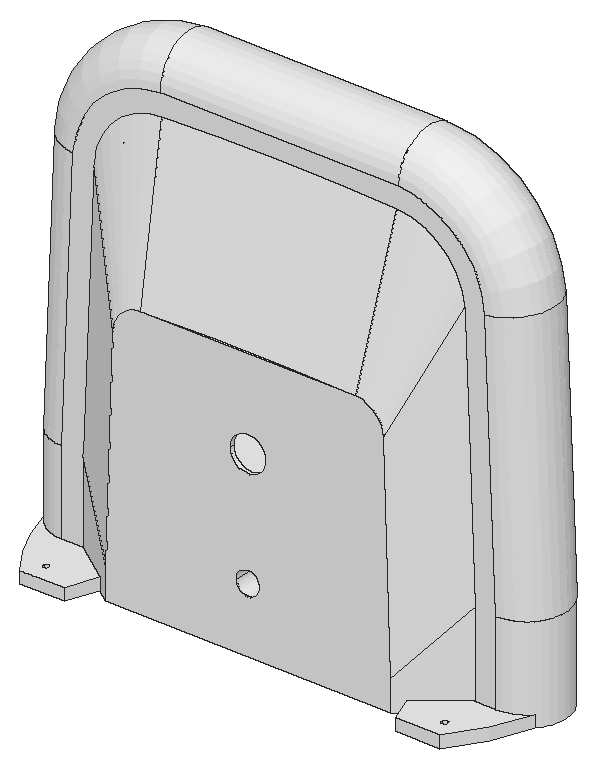
Revit family "Plumbing-Lavatories-Sloan-Valve-SS3165_", category Plumbing Fixtures, host Face, Revit 2019
Family settings
  Host = Face
  Round Connector Dimension = Use Diameter
  Part Type = Normal
  OmniClass Number = 23.45.05.14.14
  OmniClass Title = Sinks/Lavatories
  Cut with Voids When Loaded = Yes
  Shared = No
  Room Calculation Point = No
Parameters (values of type "SS-3165")
  Width = 21 1/2"  # constant formula
  Water Flow = 0 GPM
  Waste Connection = yes
  WFU = 2
  Vent Connection = yes
  Valve Pressure Drop = 0.00 psi
  URL = "www.sloanvalve.com"
  Shroud Visibility [instance] = yes
  Sanitary Drain Connector Description = "Sanitary Drain Connector d1 1/2\""
  Sanitary Drain Connection Diameter = 1 1/2"  # constant formula
  Product data url = "https://bimobject.com/sloan_valve/product/lavatories_sloan_ss-3165"
  Product Material = Sloan Valve - Vitreous China - White
  Product Guid = ""
  Part Number = "3873165"
  Model = "SS-3165"
  Manufacturer = "Sloan Valve"  # constant formula
  Keynote = "10000"
  Installation Height [instance] = 34"  # constant formula
  Hot Water Connector Description = "Hot Water Connector d1/2\""
  Hot Water Connection Diameter = 1/2"  # constant formula
  Height = 5 3/4"  # constant formula
  HWFU = 1.5
  HW Connection = yes
  Edition number = 1
  Description = "Vitreous China Wall-Mounted Ledgeback Lavatory."
  Depth = 20 1/2"  # constant formula
  Default Elevation = 0"
  Cold Water Connector Description = "Cold Water Connector d1/2\""
  Cold Water Connection Diameter = 1/2"  # constant formula
  CWFU = 1.5
  CW Connection = yes
  Assembly Code = "D2010400"
  ADA Compliant [instance] = 1 = 1  # yes
Types (3): name | Product Material | Part Number | Model | Description
  (no name) | Sloan Valve - Vitreous China - White | "3873165" | "SS-3165" | "Vitreous China Wall-Mounted Ledgeback Lavatory."
  SS-3165 | Sloan Valve - Vitreous China - White | "3873165" | "SS-3165" | "Vitreous China Wall-Mounted Ledgeback Lavatory."
  SS-3165-STG | Sloan Valve - Vitreous China - SloanTec Glaze White | "3873175" | "SS-3165-STG" | "Vitreous China Wall-Mounted Ledgeback Lavatory with SloanTec® Glaze."
Reference planes (in)
  plane 1 "Center (Front/Back)": y = 0
  plane 2: z = 0
  plane 3 "Center (Left/Right)": x = 0
  plane 4: x = -8.37453
  plane 5: y = 29
  plane 6: y = 34
  plane 7: x = -8.37453
  plane 8: y = 29
  plane 9: y = 34
Forms (in)
  Extrusion 1, solid, not visible
    sketch origin (0.00047, 34, 0) x (1, 0, 0) y (0, 1, 0)
      loop
        circle (0, -12) r 0.75
      loop
        circle (-1.75, -10) r 0.25
      loop
        circle (1.75, -10) r 0.25
    from 0 to 0.04127
  Sweep 2, solid, material "Sloan Valve - Vitreous China - White" <- "Product Material"
    path origin (0.00047, 34, 0) x (1, 0, 0) y (0, 0, 1)
      loop
        line (10.75, 0) -> (10.75, 4)
        arc (10.75, 4) -> (10.63473, 9.67543) -> (10.2891, 15.34149) r 139.77197
        arc (10.2891, 15.34149) -> (8.62245, 18.85679) -> (5.04692, 20.38998) r 5.5
        arc (5.04692, 20.38998) -> (0, 20.5) -> (-5.04692, 20.38998) r 115.8125
        arc (-5.04692, 20.38998) -> (-8.62245, 18.85679) -> (-10.2891, 15.34149) r 5.5
        arc (-10.2891, 15.34149) -> (-10.63473, 9.67543) -> (-10.75, 4) r 139.77197
        line (-10.75, 4) -> (-10.75, 0)
    profile origin (0.00047, 34, 20.5) x (0, 0, -1) y (0, -1, 0)
      loop
        arc (1.625, 3.25) -> (0, 1.625) -> (1.625, 0) r 1.625
        line (1.625, 0) -> (2.75, 0)
        arc (2.75, 0) -> (3.10355, 0.14645) -> (3.25, 0.5) r 0.5
        line (3.25, 0.5) -> (3.25, 3.25) -> (1.625, 3.25)
  Extrusion 3, solid, material "Sloan Valve - Vitreous China - White" <- "Product Material"
    sketch origin (0.00047, 34, 0) x (1, 0, 0) y (0, 1, 0)
      loop
        line (6.05085, -3.41482) -> (6.90078, -5.75) -> (8.75702, -5.75)
        arc (8.75702, -5.75) -> (9.91302, -3.86846) -> (10.53777, -1.75038) r 8.38585
        line (10.53777, -1.75038) -> (8.17985, -1.75038) -> (8.17985, -1.90656)
        arc (8.17985, -1.90656) -> (7.73809, -2.97306) -> (6.67158, -3.41482) r 1.50826
        line (6.67158, -3.41482) -> (6.05085, -3.41482)
      loop
        line (-6.17585, -3.41482) -> (-6.79658, -3.41482)
        arc (-6.79658, -3.41482) -> (-7.86309, -2.97306) -> (-8.30485, -1.90656) r 1.50826
        line (-8.30485, -1.90656) -> (-8.30485, -1.75038) -> (-10.66277, -1.75038)
        arc (-10.66277, -1.75038) -> (-10.03802, -3.86846) -> (-8.88202, -5.75) r 8.38585
        line (-8.88202, -5.75) -> (-7.02578, -5.75) -> (-6.17585, -3.41482)
      loop
        circle (-8.375, -5) r 0.125
      loop
        circle (8.375, -5) r 0.125
    from 0 to 0.5
  Blend 4, solid, material "Sloan Valve - Vitreous China - White" <- "Product Material"
    base sketch origin (0.00047, 34, 0) x (1, 0, 0) y (0, 0, 1)
      loop
        arc (-7.04982, 15.07778) -> (-6.368, 16.51585) -> (-4.90529, 17.14307) r 2.25
        arc (-4.90529, 17.14307) -> (0, 17.25) -> (4.90529, 17.14307) r 112.5625
        arc (4.90529, 17.14307) -> (6.368, 16.51585) -> (7.04982, 15.07778) r 2.25
        arc (7.04982, 15.07778) -> (7.38741, 9.54346) -> (7.5, 4) r 136.52197
        line (7.5, 4) -> (7.5, 0) -> (8.25, 0) -> (8.25, 4)
        arc (8.25, 4) -> (8.13679, 9.57391) -> (7.79734, 15.13863) r 137.27197
        arc (7.79734, 15.13863) -> (6.88826, 17.05607) -> (4.93797, 17.89235) r 3
        arc (4.93797, 17.89235) -> (0, 18) -> (-4.93797, 17.89235) r 113.3125
        arc (-4.93797, 17.89235) -> (-6.88826, 17.05607) -> (-7.79734, 15.13863) r 3
        arc (-7.79734, 15.13863) -> (-8.13679, 9.57391) -> (-8.25, 4) r 137.27197
        line (-8.25, 4) -> (-8.25, 0) -> (-7.5, 0) -> (-7.5, 4)
        arc (-7.5, 4) -> (-7.38741, 9.54346) -> (-7.04982, 15.07778) r 136.52197
    top sketch origin (0.00047, 34, 0) x (1, 0, 0) y (0, 0, 1)
      loop
        arc (-5.70027, 10.24166) -> (-5.92505, 5.74833) -> (-6, 1.25) r 135.02197
        line (-6, 1.25) -> (-6, 0) -> (-5.25, 0) -> (-5.25, 1.25)
        arc (-5.25, 1.25) -> (-5.17546, 5.72334) -> (-4.95194, 10.19172) r 134.27197
        arc (-4.95194, 10.19172) -> (-4.80206, 10.51646) -> (-4.4736, 10.658) r 0.5
        arc (-4.4736, 10.658) -> (0, 10.75) -> (4.4736, 10.658) r 108.8125
        arc (4.4736, 10.658) -> (4.80206, 10.51646) -> (4.95194, 10.19172) r 0.5
        arc (4.95194, 10.19172) -> (5.17546, 5.72334) -> (5.25, 1.25) r 134.27197
        line (5.25, 1.25) -> (5.25, 0) -> (6, 0) -> (6, 1.25)
        arc (6, 1.25) -> (5.92505, 5.74833) -> (5.70027, 10.24166) r 135.02197
        arc (5.70027, 10.24166) -> (5.32558, 11.05351) -> (4.50444, 11.40737) r 1.25
        arc (4.50444, 11.40737) -> (0, 11.5) -> (-4.50444, 11.40737) r 109.5625
        arc (-4.50444, 11.40737) -> (-5.32558, 11.05351) -> (-5.70027, 10.24166) r 1.25
    from 3.25 to 4.87009
  Extrusion 5, solid, material "Sloan Valve - Vitreous China - White" <- "Product Material"
    sketch origin (0.00047, 34, 0) x (1, 0, 0) y (0, 0, 1)
      loop
        arc (-5.70027, 10.24166) -> (-5.92505, 5.74833) -> (-6, 1.25) r 135.02197
        line (-6, 1.25) -> (-6, 0) -> (6, 0) -> (6, 1.25)
        arc (6, 1.25) -> (5.92505, 5.74833) -> (5.70027, 10.24166) r 135.02197
        arc (5.70027, 10.24166) -> (5.32558, 11.05351) -> (4.50444, 11.40737) r 1.25
        arc (4.50444, 11.40737) -> (0, 11.5) -> (-4.50444, 11.40737) r 109.5625
        arc (-4.50444, 11.40737) -> (-5.32558, 11.05351) -> (-5.70027, 10.24166) r 1.25
    from 4.70234 to 4.87009
  Extrusion 6, solid, material "Sloan Valve - Vitreous China - White" <- "Product Material"
    sketch origin (0.00047, 34, 0) x (1, 0, 0) y (0, 1, 0)
      loop
        line (-8.25, -0.1875) -> (-8.25, -2.90689) -> (-5.67692, -4.77634) -> (5.67692, -4.77634) -> (8.25, -2.90689) -> (8.25, -0.1875) -> (-8.25, -0.1875)
    from 0 to 5.22164
  Extrusion 7, void
    sketch origin (0.00047, 34, 0) x (1, 0, 0) y (0, 0, 1)
      loop
        circle (0, 2.75) r 0.5
      loop
        circle (0, 7.625) r 0.75
    from -3.79383 to 8.56662
  Extrusion 8, solid, not visible
    sketch origin (0.00047, 34, 0) x (1, 0, 0) y (0, 1, 0)
      loop
        circle (0, -12) r 0.75
      loop
        circle (-1.75, -10) r 0.25
      loop
        circle (1.75, -10) r 0.25
    from 0 to 0.04127
  Sweep 9, solid, material "Sloan Valve - Vitreous China - White" <- "Product Material", not visible
    path origin (0.00047, 34, 0) x (1, 0, 0) y (0, 0, 1)
      loop
        line (10.75, 0) -> (10.75, 4)
        arc (10.75, 4) -> (10.63473, 9.67543) -> (10.2891, 15.34149) r 139.77197
        arc (10.2891, 15.34149) -> (8.62245, 18.85679) -> (5.04692, 20.38998) r 5.5
        arc (5.04692, 20.38998) -> (0, 20.5) -> (-5.04692, 20.38998) r 115.8125
        arc (-5.04692, 20.38998) -> (-8.62245, 18.85679) -> (-10.2891, 15.34149) r 5.5
        arc (-10.2891, 15.34149) -> (-10.63473, 9.67543) -> (-10.75, 4) r 139.77197
        line (-10.75, 4) -> (-10.75, 0)
    profile origin (0.00047, 34, 20.5) x (0, 0, -1) y (0, -1, 0)
      loop
        arc (1.625, 3.25) -> (0, 1.625) -> (1.625, 0) r 1.625
        line (1.625, 0) -> (2.75, 0)
        arc (2.75, 0) -> (3.10355, 0.14645) -> (3.25, 0.5) r 0.5
        line (3.25, 0.5) -> (3.25, 3.25) -> (1.625, 3.25)
  Extrusion 10, solid, material "Sloan Valve - Vitreous China - White" <- "Product Material", not visible
    sketch origin (0.00047, 34, 0) x (1, 0, 0) y (0, 1, 0)
      loop
        line (6.05085, -3.41482) -> (6.90078, -5.75) -> (8.75702, -5.75)
        arc (8.75702, -5.75) -> (9.91302, -3.86846) -> (10.53777, -1.75038) r 8.38585
        line (10.53777, -1.75038) -> (8.17985, -1.75038) -> (8.17985, -1.90656)
        arc (8.17985, -1.90656) -> (7.73809, -2.97306) -> (6.67158, -3.41482) r 1.50826
        line (6.67158, -3.41482) -> (6.05085, -3.41482)
      loop
        line (-6.17585, -3.41482) -> (-6.79658, -3.41482)
        arc (-6.79658, -3.41482) -> (-7.86309, -2.97306) -> (-8.30485, -1.90656) r 1.50826
        line (-8.30485, -1.90656) -> (-8.30485, -1.75038) -> (-10.66277, -1.75038)
        arc (-10.66277, -1.75038) -> (-10.03802, -3.86846) -> (-8.88202, -5.75) r 8.38585
        line (-8.88202, -5.75) -> (-7.02578, -5.75) -> (-6.17585, -3.41482)
      loop
        circle (-8.375, -5) r 0.125
      loop
        circle (8.375, -5) r 0.125
    from 0 to 0.5
  Blend 11, solid, material "Sloan Valve - Vitreous China - White" <- "Product Material", not visible
    base sketch origin (0.00047, 34, 0) x (1, 0, 0) y (0, 0, 1)
      loop
        arc (-7.04982, 15.07778) -> (-6.368, 16.51585) -> (-4.90529, 17.14307) r 2.25
        arc (-4.90529, 17.14307) -> (0, 17.25) -> (4.90529, 17.14307) r 112.5625
        arc (4.90529, 17.14307) -> (6.368, 16.51585) -> (7.04982, 15.07778) r 2.25
        arc (7.04982, 15.07778) -> (7.38741, 9.54346) -> (7.5, 4) r 136.52197
        line (7.5, 4) -> (7.5, 0) -> (8.25, 0) -> (8.25, 4)
        arc (8.25, 4) -> (8.13679, 9.57391) -> (7.79734, 15.13863) r 137.27197
        arc (7.79734, 15.13863) -> (6.88826, 17.05607) -> (4.93797, 17.89235) r 3
        arc (4.93797, 17.89235) -> (0, 18) -> (-4.93797, 17.89235) r 113.3125
        arc (-4.93797, 17.89235) -> (-6.88826, 17.05607) -> (-7.79734, 15.13863) r 3
        arc (-7.79734, 15.13863) -> (-8.13679, 9.57391) -> (-8.25, 4) r 137.27197
        line (-8.25, 4) -> (-8.25, 0) -> (-7.5, 0) -> (-7.5, 4)
        arc (-7.5, 4) -> (-7.38741, 9.54346) -> (-7.04982, 15.07778) r 136.52197
    top sketch origin (0.00047, 34, 0) x (1, 0, 0) y (0, 0, 1)
      loop
        arc (-5.70027, 10.24166) -> (-5.92505, 5.74833) -> (-6, 1.25) r 135.02197
        line (-6, 1.25) -> (-6, 0) -> (-5.25, 0) -> (-5.25, 1.25)
        arc (-5.25, 1.25) -> (-5.17546, 5.72334) -> (-4.95194, 10.19172) r 134.27197
        arc (-4.95194, 10.19172) -> (-4.80206, 10.51646) -> (-4.4736, 10.658) r 0.5
        arc (-4.4736, 10.658) -> (0, 10.75) -> (4.4736, 10.658) r 108.8125
        arc (4.4736, 10.658) -> (4.80206, 10.51646) -> (4.95194, 10.19172) r 0.5
        arc (4.95194, 10.19172) -> (5.17546, 5.72334) -> (5.25, 1.25) r 134.27197
        line (5.25, 1.25) -> (5.25, 0) -> (6, 0) -> (6, 1.25)
        arc (6, 1.25) -> (5.92505, 5.74833) -> (5.70027, 10.24166) r 135.02197
        arc (5.70027, 10.24166) -> (5.32558, 11.05351) -> (4.50444, 11.40737) r 1.25
        arc (4.50444, 11.40737) -> (0, 11.5) -> (-4.50444, 11.40737) r 109.5625
        arc (-4.50444, 11.40737) -> (-5.32558, 11.05351) -> (-5.70027, 10.24166) r 1.25
    from 3.25 to 4.87009
  Extrusion 12, solid, material "Sloan Valve - Vitreous China - White" <- "Product Material", not visible
    sketch origin (0.00047, 34, 0) x (1, 0, 0) y (0, 0, 1)
      loop
        arc (-5.70027, 10.24166) -> (-5.92505, 5.74833) -> (-6, 1.25) r 135.02197
        line (-6, 1.25) -> (-6, 0) -> (6, 0) -> (6, 1.25)
        arc (6, 1.25) -> (5.92505, 5.74833) -> (5.70027, 10.24166) r 135.02197
        arc (5.70027, 10.24166) -> (5.32558, 11.05351) -> (4.50444, 11.40737) r 1.25
        arc (4.50444, 11.40737) -> (0, 11.5) -> (-4.50444, 11.40737) r 109.5625
        arc (-4.50444, 11.40737) -> (-5.32558, 11.05351) -> (-5.70027, 10.24166) r 1.25
    from 4.70234 to 4.87009
  Extrusion 13, solid, material "Sloan Valve - Vitreous China - White" <- "Product Material", not visible
    sketch origin (0.00047, 34, 0) x (1, 0, 0) y (0, 1, 0)
      loop
        line (-8.25, -0.1875) -> (-8.25, -2.90689) -> (-5.67692, -4.77634) -> (5.67692, -4.77634) -> (8.25, -2.90689) -> (8.25, -0.1875) -> (-8.25, -0.1875)
    from 0 to 5.22164
  Extrusion 14, void, not visible
    sketch origin (0.00047, 34, 0) x (1, 0, 0) y (0, 0, 1)
      loop
        circle (0, 2.75) r 0.5
      loop
        circle (0, 7.625) r 0.75
    from -3.79383 to 8.56662
Cuts and joins
  Extrusion 7 cuts Extrusion 5
  Extrusion 7 cuts Extrusion 6
  joined: Sweep 2, Extrusion 3, Blend 4, Extrusion 5, Extrusion 6
Lines and regions (in)
  Masking region 1
    outline origin (0.00047, 0, 0) x (1, 0, 0) y (0, 0, 1)
      loop
        line (10.75, 0) -> (10.75, 5.5)
        arc (10.75, 5.5) -> (10.64175, 10.44501) -> (10.31721, 15.38055) r 113.00301
        arc (10.31721, 15.38055) -> (8.63675, 18.87728) -> (5.06633, 20.39492) r 5.5
        arc (5.06633, 20.39492) -> (0, 20.5) -> (-5.06633, 20.39492) r 122.18524
        arc (-5.06633, 20.39492) -> (-8.63675, 18.87728) -> (-10.31721, 15.38055) r 5.5
        arc (-10.31721, 15.38055) -> (-10.64175, 10.44501) -> (-10.75, 5.5) r 113.00301
        line (-10.75, 5.5) -> (-10.75, 0) -> (10.75, 0)
  symbolic lines, detail levels medium+fine
    curve 1: arc (8.25047, 0, 4) -> (8.13726, 0, 9.57391) -> (7.79782, 0, 15.13863) r 137.27197
    curve 2: arc (-7.79687, 0, 15.13863) -> (-8.13631, 0, 9.57391) -> (-8.24953, 0, 4) r 137.27197
    curve 3: arc (-4.9375, 0, 17.89235) -> (-6.88779, 0, 17.05607) -> (-7.79687, 0, 15.13863) r 3
    curve 4: arc (7.79782, 0, 15.13863) -> (6.88873, 0, 17.05607) -> (4.93845, 0, 17.89235) r 3
    curve 5: arc (4.93845, 0, 17.89235) -> (0.00047, 0, 18) -> (-4.9375, 0, 17.89235) r 113.3125
    curve 6: line (8.25047, 0, 0) -> (8.25047, 0, 4)
    curve 7: line (-8.24953, 0, 4) -> (-8.24953, 0, 0)
  symbolic lines, detail levels fine
    curve 8: line (-8.24409, 0, 5.22164) -> (8.24504, 0, 5.22164)
    curve 9: circle (0.00047, 0, 7.625) r 0.75 normal (0, -1, 0)
    curve 10: circle (0.00047, 0, 2.75) r 0.5 normal (0, -1, 0)
Dimensions and locks (in)
  "Installation Height": plane 6 to plane 1 "Center (Front/Back)"
  aligned and locked: plane 2 to host face
  aligned and locked: level to host face
Automatic sketch dimensions
  host sketch curve to host sketch curve = 96"  (x2)
  Extrusion 1 sketch curve to plane 6 = 10"
  Extrusion 1 sketch curve to Extrusion 1 sketch curve = 1 3/4"  (x2)
  Extrusion 1 sketch curve to Extrusion 1 sketch curve = 0"
  Extrusion 1 sketch curve to Extrusion 1 sketch curve = 2"
  Sweep 2 sketch curve to Sweep 2 sketch curve = 118.27197"  (x2)
  Sweep 2 sketch curve to Sweep 2 sketch curve = 5.94276"  (x2)
  Sweep 2 sketch curve to Sweep 2 sketch curve = 10 3/4"
  Sweep 2 sketch curve to Sweep 2 sketch curve = 9.61447"
  Sweep 2 sketch curve to Sweep 2 sketch curve = 99 5/16"
  Sweep 2 sketch curve to Sweep 2 sketch curve = 0"  (x5)
  Sweep 2 sketch curve to Sweep 2 sketch curve = 10.8952"
  Sweep 2 sketch curve to Sweep 2 sketch curve = 4"  (x2)
  Sweep 2 sketch curve to profile plane = 0"
  Sweep 2 sketch curve to profile plane = 1 5/8"
  profile plane to Sweep 2 sketch curve = 1/2"
  Sweep 2 sketch curve to Sweep 2 sketch curve = 1 1/8"  (x2)
  Extrusion 3 sketch curve to plane 4 = 0"
  plane 5 to Extrusion 3 sketch curve = 0"
  Extrusion 3 sketch curve to plane 5 = 0"
  Extrusion 3 sketch curve to plane 4 = 0.50702"
  Extrusion 3 sketch curve to plane 4 = 2.28777"
  plane 4 to Extrusion 3 sketch curve = 0.07015"
  Extrusion 3 sketch curve to plane 5 = 3/4"  (x2)
  plane 4 to Extrusion 3 sketch curve = 1.34922"
  plane 4 to Extrusion 3 sketch curve = 1.57842"
  Extrusion 3 sketch curve to Extrusion 3 sketch curve = 0.62074"  (x2)
  Extrusion 3 sketch curve to plane 6 = 0.45762"  (x2)
  Extrusion 3 sketch curve to Extrusion 3 sketch curve = 4.41942"
  Extrusion 3 sketch curve to Extrusion 3 sketch curve = 4.62934"
  plane 5 to Extrusion 3 sketch curve = 1.58518"  (x2)
  Extrusion 3 sketch curve to Extrusion 3 sketch curve = 3.79868"
  Extrusion 3 sketch curve to Extrusion 3 sketch curve = 0.2292"
  Extrusion 3 sketch curve to Extrusion 3 sketch curve = 1.50826"
  Extrusion 3 sketch curve to Extrusion 3 sketch curve = 1.47422"
  Extrusion 3 sketch curve to Extrusion 3 sketch curve = 0.38202"
  Extrusion 3 sketch curve to plane 6 = 1.75038"
  Blend 4 sketch curve to Blend 4 sketch curve = 0"  (x37)
  Blend 4 sketch curve to Blend 4 sketch curve = 120.77197"  (x2)
  Blend 4 sketch curve to Blend 4 sketch curve = 3/4"  (x4)
  Blend 4 sketch curve to Blend 4 sketch curve = 2.69276"  (x2)
  Blend 4 sketch curve to Blend 4 sketch curve = 7 1/2"
  Blend 4 sketch curve to Blend 4 sketch curve = 9.61447"
  Blend 4 sketch curve to Blend 4 sketch curve = 95 5/16"
  Blend 4 sketch curve to Blend 4 sketch curve = 4"
  Blend 4 sketch curve to Blend 4 sketch curve = 10.8952"
  Blend 4 sketch curve to Blend 4 sketch curve = 123.02197"  (x2)
  Blend 4 sketch curve to Blend 4 sketch curve = 0.79695"  (x2)
  Blend 4 sketch curve to Blend 4 sketch curve = 5 1/4"
  Blend 4 sketch curve to Blend 4 sketch curve = 8.90609"
  Blend 4 sketch curve to Blend 4 sketch curve = 98 1/16"
  Blend 4 sketch curve to Blend 4 sketch curve = 1 1/4"  (x2)
  Blend 4 sketch curve to Blend 4 sketch curve = 8.90842"
  Extrusion 5 sketch curve to Extrusion 5 sketch curve = 123.02197"  (x2)
  Extrusion 5 sketch curve to Extrusion 5 sketch curve = 1.54695"  (x2)
  Extrusion 5 sketch curve to Extrusion 5 sketch curve = 6"
  Extrusion 5 sketch curve to Extrusion 5 sketch curve = 8.90609"
  Extrusion 5 sketch curve to Extrusion 5 sketch curve = 98 1/16"
  Extrusion 5 sketch curve to Extrusion 5 sketch curve = 1 1/4"
  Extrusion 5 sketch curve to Extrusion 5 sketch curve = 0"  (x5)
  Extrusion 5 sketch curve to Extrusion 5 sketch curve = 8.90842"
  Extrusion 6 sketch curve to plane 6 = 2.90689"  (x2)
  Extrusion 6 sketch curve to Extrusion 6 sketch curve = 2.57308"  (x2)
  Extrusion 6 sketch curve to plane 6 = 4.77634"
  Extrusion 6 sketch curve to Extrusion 6 sketch curve = 11.35385"
  Extrusion 6 sketch curve to plane 6 = 3/16"
  Extrusion 7 sketch curve to Extrusion 7 sketch curve = 4 7/8"
  Extrusion 8 sketch curve to plane 9 = 10"
  Extrusion 8 sketch curve to Extrusion 8 sketch curve = 1 3/4"  (x2)
  Extrusion 8 sketch curve to Extrusion 8 sketch curve = 0"
  Extrusion 8 sketch curve to Extrusion 8 sketch curve = 2"
  Sweep 9 sketch curve to Sweep 9 sketch curve = 118.27197"  (x2)
  Sweep 9 sketch curve to Sweep 9 sketch curve = 5.94276"  (x2)
  Sweep 9 sketch curve to Sweep 9 sketch curve = 10 3/4"
  Sweep 9 sketch curve to Sweep 9 sketch curve = 9.61447"
  Sweep 9 sketch curve to Sweep 9 sketch curve = 99 5/16"
  Sweep 9 sketch curve to Sweep 9 sketch curve = 0"  (x5)
  Sweep 9 sketch curve to Sweep 9 sketch curve = 10.8952"
  Sweep 9 sketch curve to Sweep 9 sketch curve = 4"  (x2)
  Sweep 9 sketch curve to profile plane = 0"
  Sweep 9 sketch curve to profile plane = 1 5/8"
  profile plane to Sweep 9 sketch curve = 1/2"
  Sweep 9 sketch curve to Sweep 9 sketch curve = 1 1/8"  (x2)
  Extrusion 10 sketch curve to plane 7 = 0"
  plane 8 to Extrusion 10 sketch curve = 0"
  Extrusion 10 sketch curve to plane 8 = 0"
  Extrusion 10 sketch curve to plane 7 = 0.50702"
  Extrusion 10 sketch curve to plane 7 = 2.28777"
  plane 7 to Extrusion 10 sketch curve = 0.07015"
  Extrusion 10 sketch curve to plane 8 = 3/4"  (x2)
  plane 7 to Extrusion 10 sketch curve = 1.34922"
  plane 7 to Extrusion 10 sketch curve = 1.57842"
  Extrusion 10 sketch curve to Extrusion 10 sketch curve = 0.62074"  (x2)
  Extrusion 10 sketch curve to plane 9 = 0.45762"  (x2)
  Extrusion 10 sketch curve to Extrusion 10 sketch curve = 4.41942"
  Extrusion 10 sketch curve to Extrusion 10 sketch curve = 4.62934"
  plane 8 to Extrusion 10 sketch curve = 1.58518"  (x2)
  Extrusion 10 sketch curve to Extrusion 10 sketch curve = 3.79868"
  Extrusion 10 sketch curve to Extrusion 10 sketch curve = 0.2292"
  Extrusion 10 sketch curve to Extrusion 10 sketch curve = 1.50826"
  Extrusion 10 sketch curve to Extrusion 10 sketch curve = 1.47422"
  Extrusion 10 sketch curve to Extrusion 10 sketch curve = 0.38202"
  Extrusion 10 sketch curve to plane 9 = 1.75038"
  Blend 11 sketch curve to Blend 11 sketch curve = 0"  (x37)
  Blend 11 sketch curve to Blend 11 sketch curve = 120.77197"  (x2)
  Blend 11 sketch curve to Blend 11 sketch curve = 3/4"  (x4)
  Blend 11 sketch curve to Blend 11 sketch curve = 2.69276"  (x2)
  Blend 11 sketch curve to Blend 11 sketch curve = 7 1/2"
  Blend 11 sketch curve to Blend 11 sketch curve = 9.61447"
  Blend 11 sketch curve to Blend 11 sketch curve = 95 5/16"
  Blend 11 sketch curve to Blend 11 sketch curve = 4"
  Blend 11 sketch curve to Blend 11 sketch curve = 10.8952"
  Blend 11 sketch curve to Blend 11 sketch curve = 123.02197"  (x2)
  Blend 11 sketch curve to Blend 11 sketch curve = 0.79695"  (x2)
  Blend 11 sketch curve to Blend 11 sketch curve = 5 1/4"
  Blend 11 sketch curve to Blend 11 sketch curve = 8.90609"
  Blend 11 sketch curve to Blend 11 sketch curve = 98 1/16"
  Blend 11 sketch curve to Blend 11 sketch curve = 1 1/4"  (x2)
  Blend 11 sketch curve to Blend 11 sketch curve = 8.90842"
  Extrusion 12 sketch curve to Extrusion 12 sketch curve = 123.02197"  (x2)
  Extrusion 12 sketch curve to Extrusion 12 sketch curve = 1.54695"  (x2)
  Extrusion 12 sketch curve to Extrusion 12 sketch curve = 6"
  Extrusion 12 sketch curve to Extrusion 12 sketch curve = 8.90609"
  Extrusion 12 sketch curve to Extrusion 12 sketch curve = 98 1/16"
  Extrusion 12 sketch curve to Extrusion 12 sketch curve = 1 1/4"
  Extrusion 12 sketch curve to Extrusion 12 sketch curve = 0"  (x5)
  Extrusion 12 sketch curve to Extrusion 12 sketch curve = 8.90842"
  Extrusion 13 sketch curve to plane 9 = 2.90689"  (x2)
  Extrusion 13 sketch curve to Extrusion 13 sketch curve = 2.57308"  (x2)
  Extrusion 13 sketch curve to plane 9 = 4.77634"
  Extrusion 13 sketch curve to Extrusion 13 sketch curve = 11.35385"
  Extrusion 13 sketch curve to plane 9 = 3/16"
  Extrusion 14 sketch curve to Extrusion 14 sketch curve = 4 7/8"
  Masking region 1 sketch curve to level = 0"
  level to Masking region 1 sketch curve = 5 1/2"  (x2)
  Masking region 1 sketch curve to plane 3 "Center (Left/Right)" = 102.25253"
  Masking region 1 sketch curve to plane 3 "Center (Left/Right)" = 10.74953"
  Masking region 1 sketch curve to plane 3 "Center (Left/Right)" = 4.8378"
  plane 3 "Center (Left/Right)" to Masking region 1 sketch curve = 0.00047"
  plane 3 "Center (Left/Right)" to Masking region 1 sketch curve = 4.83875"
  plane 3 "Center (Left/Right)" to Masking region 1 sketch curve = 10.75047"
  Masking region 1 sketch curve to Masking region 1 sketch curve = 91.50301"
  Masking region 1 sketch curve to level = 101.68524"
  Masking region 1 sketch curve to Masking region 1 sketch curve = 9.39965"
  Masking region 1 sketch curve to Masking region 1 sketch curve = 0"  (x4)
  curve 7 to level = 0"
  curve 6 to level = 0"
  level to curve 1 = 4"
  curve 1 to plane 3 "Center (Left/Right)" = 129.0215"
  level to curve 7 = 4"
  curve 7 to plane 3 "Center (Left/Right)" = 8.24953"
  curve 3 to plane 3 "Center (Left/Right)" = 4.80676"
  plane 3 "Center (Left/Right)" to curve 5 = 0.00047"
  plane 3 "Center (Left/Right)" to curve 10 = 0.00047"
  plane 3 "Center (Left/Right)" to curve 9 = 0.00047"
  plane 3 "Center (Left/Right)" to curve 4 = 4.80771"
  curve 6 to curve 2 = 120.77197"
  curve 5 to level = 95 5/16"
  curve 10 to curve 9 = 4 7/8"
  curve 9 to curve 3 = 7.2702"
  curve 9 to curve 4 = 7.2702"
  curve 2 to curve 8 = 0.00544"
  curve 3 to curve 2 = 0"
  curve 5 to curve 3 = 0"
  curve 4 to curve 5 = 0"
  Extrusion 7 sketch curve to Extrusion 7 sketch curve = 0"
  Extrusion 14 sketch curve to Extrusion 14 sketch curve = 0"
  level to curve 10 = 2 3/4"
  plane 3 "Center (Left/Right)" to curve 6 = 8.25047"
  radius of Extrusion 1 sketch curve = 3/4"
  radius of Extrusion 1 sketch curve = 1/4"  (x2)
  radius of Extrusion 3 sketch curve = 1/8"  (x2)
  radius of Extrusion 7 sketch curve = 1/2"
  radius of Extrusion 7 sketch curve = 3/4"
  radius of Extrusion 8 sketch curve = 3/4"
  radius of Extrusion 8 sketch curve = 1/4"  (x2)
  radius of Extrusion 10 sketch curve = 1/8"  (x2)
  radius of Extrusion 14 sketch curve = 1/2"
  radius of Extrusion 14 sketch curve = 3/4"
  radius of curve 9 = 3/4"
  radius of curve 10 = 1/2"
Connectors (in)
  piping at (-1.74953, 24, 0), diameter 0.5, driven by "Hot Water Connection Diameter", driven by "HWFU", driven by "Valve Pressure Drop", driven by "Hot Water Connector Description"
    settings: on Extrusion 1, index 1, connector inside diameter 24", connector length 0", flow factor 0, pipe flow 0 GPM, pressure drop 0.00 psi, fitting loss kfactor 0, connector angle 0.00°, fixture units 1.5, engagement length 0", angle of deflection 0.00°, flow configuration 3, flow direction 1, fitting loss method 4, system type 19, joint type 0, gender type 0, connector reference index -1, connector utility 0, adjustable connector no, is connector primary yes, connector description "Hot Water Connector d1/2\""
  piping at (0.00047, 22, 0), diameter 1.5, driven by "Sanitary Drain Connection Diameter", driven by "WFU", driven by "Sanitary Drain Connector Description"
    settings: on Extrusion 1, index 2, connector inside diameter 24", connector length 0", flow factor 0, pipe flow 0 GPM, pressure drop 0.00 psi, fitting loss kfactor 0, connector angle 0.00°, fixture units 2, engagement length 0", angle of deflection 0.00°, flow configuration 3, flow direction 2, fitting loss method 0, system type 16, joint type 0, gender type 0, connector reference index -1, connector utility 0, adjustable connector no, is connector primary no, connector description "Sanitary Drain Connector d1 1/2\""
  piping at (1.75047, 24, 0), diameter 0.5, driven by "Cold Water Connection Diameter", driven by "CWFU", driven by "Valve Pressure Drop", driven by "Cold Water Connector Description"
    settings: on Extrusion 1, index 3, connector inside diameter 24", connector length 0", flow factor 0, pipe flow 0 GPM, pressure drop 0.00 psi, fitting loss kfactor 0, connector angle 0.00°, fixture units 1.5, engagement length 0", angle of deflection 0.00°, flow configuration 3, flow direction 1, fitting loss method 4, system type 20, joint type 0, gender type 0, connector reference index -1, connector utility 0, adjustable connector no, is connector primary no, connector description "Cold Water Connector d1/2\""
